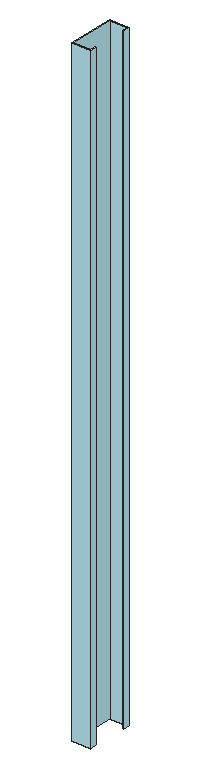
Revit family "hokyozai_75x1-6", category 機械設備, Revit 2022
Family settings
  丸型コネクタ寸法 = 直径を使用
  種別 = なし
  パーツ タイプ = 標準
  作業面ベース = いいえ
  常に垂直 = はい
  ロード時にボイドで切り取り = いいえ
  注釈の向きを維持 = いいえ
  共有 = いいえ
  部屋計算ポイント = いいえ
Parameters
  製造元 = "株式会社桐井製作所"
  既定の高さ = 0 mm
  URL = "https://www.kirii.co.jp/"
  K_長さ(mm) [instance] = 1000 mm
  K_材質 = "SGCC一般用・SGC340~570高強度一般用・SGC340~570高強度一般用"
  K_外形寸法(mm) = "75×30×10×1.6"
  K_品名 = "75補強材×1.6"
  K_名称 = "補強材"
  K_バージョン情報 = "20210524"
  K_めっき付着量 = "Z12"
  K_JIS規格 = "JIS G 3302"
Reference planes
  plane 1 "中心(正面/背面)": y = 0
  plane 2: z = 0
  plane 3 "中心(左/右)": x = 0
  plane 4: z = 1000
  plane 5: y = 75
Forms (mm)
  Extrusion 1, solid
    sketch origin (0, 0, 0) x (1, 0, 0) y (0, 1, 0)
      loop
        line (0, 0) -> (30, 0) -> (30, 10) -> (28.4, 10) -> (28.4, 1.6) -> (1.6, 1.6) -> (1.6, 73.4) -> (28.4, 73.4) -> (28.4, 65) -> (30, 65) -> (30, 75) -> (0, 75) -> (0, 0)
    from 0 to 1000
Dimensions and locks
  "K_長さ(mm)": plane 4 to plane 2
  aligned and locked: level to plane 2
  aligned and locked: plane 4 to Extrusion 1
  aligned and locked: plane 5 to Extrusion 1
Automatic sketch dimensions
  Extrusion 1 sketch curve to plane 3 "中心(左/右)" = 0 mm
  plane 1 "中心(正面/背面)" to Extrusion 1 sketch curve = 0 mm
  plane 3 "中心(左/右)" to Extrusion 1 sketch curve = 1.6 mm
  Extrusion 1 sketch curve to plane 1 "中心(正面/背面)" = 1.6 mm
  Extrusion 1 sketch curve to Extrusion 1 sketch curve = 1.6 mm  (x3)
  Extrusion 1 sketch curve to Extrusion 1 sketch curve = 8.4 mm  (x2)
  Extrusion 1 sketch curve to Extrusion 1 sketch curve = 55 mm
  Extrusion 1 sketch curve to Extrusion 1 sketch curve = 26.8 mm  (x2)
